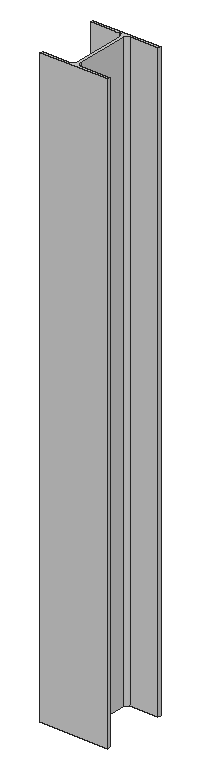
Revit family "10598f14d7084147b385a754f22fa10b", category Structural Columns, Revit 2021
Family settings
  Section Shape = Not Defined
  Material for Model Behavior = Steel
  Always export as geometry = No
  Beam cutback in plan = From bounding box
  OmniClass Number = 23.25.30.11.14.11
  OmniClass Title = Columns
  Seek Item ID = HP-Bearing Pile-Column-0000-USA-ENU
  Cut with Voids When Loaded = No
  Symbolic Representation = From Project Settings
  Shared = No
  Show family pre-cut in plan views = Yes
Parameters (values of type "HP12X63")
  W = 63
  Structural Material [instance] = Steel ASTM A572
  Assembly Code = "B10"
  bf = 1' - 0 1/8"
  d = 0' - 11 241/256"
  k = 0' - 1 1/4"
  kr = k - tf  # 0' - 0 47/64"
  tf = 0' - 0 33/64"
  tw = 0' - 0 33/64"
  A = 18.72 in²
Types (2): name | W | bf | d | k | kr | tf | tw | A
  HP12X63 | 63 | 1' - 0 1/8" | 0' - 11 241/256" | 0' - 1 1/4" | 0' - 0 47/64" | 0' - 0 33/64" | 0' - 0 33/64" | 18.72 in²
  HP14X102 | 102 | 1' - 2 201/256" | 1' - 2 3/256" | 0' - 1 3/8" | 0' - 0 43/64" | 0' - 0 45/64" | 0' - 0 45/64" | 30.24 in²
Reference planes (in)
  plane 1: y = 0
  plane 2: z = 0
  plane 3: x = 0
  plane 4: x = -6.0625
  plane 5: x = 6.0625
  plane 6: y = 5.9707
  plane 7: y = -5.9707
Forms (in)
  Extrusion 1, solid, material "Steel ASTM A572" <- "Structural Material", detail levels medium
    sketch origin (0, 0, 0) x (1, 0, 0) y (0, 1, 0)
      loop
        line (-6.0625, 5.9707) -> (-6.0625, 5.45508) -> (-0.25781, 5.45508) -> (-0.25781, -5.45508) -> (-6.0625, -5.45508) -> (-6.0625, -5.9707) -> (6.0625, -5.9707) -> (6.0625, -5.45508) -> (0.25781, -5.45508) -> (0.25781, 5.45508) -> (6.0625, 5.45508) -> (6.0625, 5.9707) -> (-6.0625, 5.9707)
    from 0 to 108
  Extrusion 2, solid, material "Steel ASTM A572" <- "Structural Material", detail levels fine
    sketch origin (0, 0, 0) x (1, 0, 0) y (0, 1, 0)
      loop
        line (-6.0625, 5.9707) -> (-6.0625, 5.45508) -> (-0.99219, 5.45508)
        arc (-0.99219, 5.45508) -> (-0.47291, 5.23998) -> (-0.25781, 4.7207) r 0.73438
        line (-0.25781, 4.7207) -> (-0.25781, -4.7207)
        arc (-0.25781, -4.7207) -> (-0.47291, -5.23998) -> (-0.99219, -5.45508) r 0.73438
        line (-0.99219, -5.45508) -> (-6.0625, -5.45508) -> (-6.0625, -5.9707) -> (6.0625, -5.9707) -> (6.0625, -5.45508) -> (0.99219, -5.45508)
        arc (0.99219, -5.45508) -> (0.47291, -5.23998) -> (0.25781, -4.7207) r 0.73438
        line (0.25781, -4.7207) -> (0.25781, 4.7207)
        arc (0.25781, 4.7207) -> (0.47291, 5.23998) -> (0.99219, 5.45508) r 0.73438
        line (0.99219, 5.45508) -> (6.0625, 5.45508) -> (6.0625, 5.9707) -> (-6.0625, 5.9707)
    from 0 to 108
Lines and regions (in)
  symbolic lines, style "StructuralColumnStickSymbols", detail levels coarse
    curve 1: line (-6.0625, 5.9707, 0) -> (6.0625, 5.9707, 0)
    curve 2: line (-6.0625, -5.9707, 0) -> (6.0625, -5.9707, 0)
    curve 3: line (0, 5.9707, 0) -> (0, -5.9707, 0)
  symbolic lines, style "Hidden Faces", detail levels medium+fine
    curve 4: line (-0.15625, 0, 0) -> (-0.15625, 0, 108)
    curve 5: line (0.15625, 0, 108) -> (0.15625, 0, 0)
Dimensions and locks (in)
  equal spacing: plane 4, plane 3, plane 5
  equal spacing: plane 7, plane 1, plane 6
  "d": plane 7 to plane 6
  "bf": plane 4 to plane 5
  "tf": plane 7 to Extrusion 1 sketch curve
  "tf": Extrusion 1 sketch curve to plane 6
  equal spacing: Extrusion 1 sketch curve, plane 3, Extrusion 1 sketch curve
  "tw": Extrusion 1 sketch curve to Extrusion 1 sketch curve
  "kr": radius of Extrusion 2 sketch curve  (x4)
  aligned and locked: plane 6 to Extrusion 1 sketch curve
  aligned and locked: Extrusion 1 sketch curve to plane 7
  aligned and locked: Extrusion 1 sketch curve to plane 4  (x2)
  aligned and locked: plane 5 to Extrusion 1 sketch curve  (x2)
  aligned and locked: Extrusion 1 sketch curve to Extrusion 1 sketch curve  (x2)
  aligned and locked: level to Extrusion 1
  aligned and locked: level to plane 2
  aligned and locked: Extrusion 1 to plane 2
  aligned and locked: plane 6 to Extrusion 2 sketch curve
  aligned and locked: plane 5 to Extrusion 2 sketch curve  (x2)
  aligned and locked: Extrusion 2 sketch curve to plane 4  (x2)
  aligned and locked: Extrusion 2 sketch curve to Extrusion 1  (x6)
  aligned and locked: Extrusion 2 sketch curve to plane 7
  aligned and locked: level to Extrusion 2
  aligned and locked: Extrusion 2 to level
Automatic sketch dimensions
  curve 2 to plane 4 = 0' - 0"
  curve 1 to plane 4 = 0' - 0"
  curve 3 to plane 3 = 0' - 0"
  curve 2 to plane 5 = 0' - 0"
  curve 1 to plane 5 = 0' - 0"
  curve 3 to plane 7 = 0' - 0"
  curve 3 to plane 6 = 0' - 0"
  curve 4 to level = 0' - 0"  (x2)
  curve 5 to level = 0' - 0"  (x2)
  curve 4 to plane 3 = 0' - 0 5/32"
  plane 3 to curve 5 = 0' - 0 5/32"
